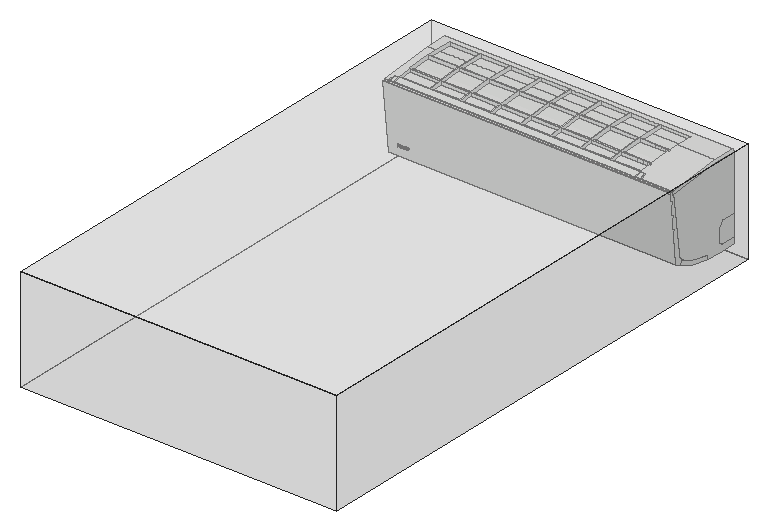
Revit family "outputfile", category 機械設備, Revit 2024 (continued)
Definition of nested family "DAIKIN_indoorunit_FTKF-CV1MW"
  Cuts and joins
    Extrusion 52, Extrusion 54 cuts Extrusion 2
    Extrusion 52, Extrusion 54 cuts Extrusion 6
    Extrusion 54 cuts Extrusion 53
    Extrusion 47 cuts Extrusion 46
  Lines and regions (mm)
    reference lines
      curve 1: line (-523, -203.827, -201.479) -> (-523, -197.847, -215.327)
      curve 2: line (-523, -218.956, -203.806) -> (-523, -217.93, -217.251)
      curve 3: line (-523, -253.284, -206.176) -> (-523, -252.024, -219.601)
  Dimensions and locks
    locked: Extrusion 9 sketch curve to Extrusion 9 sketch curve at 60
    locked: Extrusion 9 sketch curve to Extrusion 9 sketch curve at 50
    locked: Extrusion 11 sketch curve to Extrusion 11 sketch curve at 48.5
    equal spacing: plane 5, plane 3 "Center (Left/Right)", plane 4
    "Width": plane 5 to plane 4
    locked: Extrusion 8 sketch curve to plane 4 at 48
    "WALL HOLE-R": plane 5 to Extrusion 8 sketch curve
    "Height": plane 2 "reference_level" to plane 6
    locked: Extrusion 8 sketch curve to plane 6 at 45  (x2)
    Extrusion 13 to nested 2 = 36.0 mm
    locked: Extrusion 19 sketch curve to Extrusion 19 sketch curve at 60
    locked: Extrusion 20 sketch curve to Extrusion 20 sketch curve at 60
    Extrusion 21 sketch curve to Extrusion 21 sketch curve = 52.0 mm  (x2)
    Extrusion 11 sketch curve to Extrusion 11 sketch curve to plane 3 "Center (Left/Right)" = 60.0 mm locked, 286.0 mm locked
    plane 3 "Center (Left/Right)" to Extrusion 11 sketch curve to Extrusion 11 sketch curve = 259.0 mm locked, 60.0 mm locked
    Extrusion 21 sketch curve to Extrusion 21 sketch curve to plane 3 "Center (Left/Right)" to Extrusion 21 sketch curve to Extrusion 21 sketch curve = 60.0 mm, 309.0 mm, 309.0 mm, 60.0 mm
    Extrusion 42 sketch curve to plane 1 "Center (Front/Back)" = 61.8 mm
    Extrusion 42 sketch curve to Extrusion 42 sketch curve to plane 3 "Center (Left/Right)" to Extrusion 42 sketch curve to Extrusion 42 sketch curve = 73.5 mm locked, 395.5 mm locked, 395.5 mm locked, 73.5 mm locked
    aligned and locked: level to plane 2 "reference_level"
    aligned and locked: Extrusion 11 sketch curve to Extrusion 11 sketch curve  (x2)
    aligned and locked: Extrusion 8 to plane 1 "Center (Front/Back)"
    aligned and locked: nested 2 to curve 2
    aligned and locked: nested 3 to curve 3
    aligned and locked: Extrusion 42 sketch curve to Extrusion 42 sketch curve
  Automatic sketch dimensions
    Extrusion 4 sketch curve to plane 1 "Center (Front/Back)" = 0.0 mm
    plane 1 "Center (Front/Back)" to Extrusion 4 sketch curve = 2.596 mm
    plane 1 "Center (Front/Back)" to Extrusion 4 sketch curve = 22.05 mm
    Extrusion 4 sketch curve to level = 8.0 mm
    Extrusion 4 sketch curve to Extrusion 4 sketch curve = 87.469 mm
    Extrusion 4 sketch curve to Extrusion 4 sketch curve = 23.928 mm
    Extrusion 4 sketch curve to Extrusion 4 sketch curve = 26.307 mm
    Extrusion 4 sketch curve to Extrusion 4 sketch curve = 83.5 mm
    Extrusion 4 sketch curve to level = 28.539 mm
    Extrusion 4 sketch curve to Extrusion 4 sketch curve = 91.44 mm
    Extrusion 4 sketch curve to Extrusion 4 sketch curve = 12.229 mm
    Extrusion 4 sketch curve to Extrusion 4 sketch curve = 32.705 mm
    Extrusion 4 sketch curve to level = 43.491 mm
    Extrusion 4 sketch curve to Extrusion 4 sketch curve = 3.707 mm
    Extrusion 4 sketch curve to Extrusion 4 sketch curve = 52.472 mm
    Extrusion 4 sketch curve to Extrusion 4 sketch curve = 0.0 mm
    plane 1 "Center (Front/Back)" to Extrusion 5 sketch curve = 192.48 mm
    Extrusion 5 sketch curve to Extrusion 5 sketch curve = 11.872 mm
    Extrusion 5 sketch curve to Extrusion 5 sketch curve = 65.26 mm
    Extrusion 5 sketch curve to Extrusion 5 sketch curve = 0.31 mm  (x2)
    Extrusion 5 sketch curve to Extrusion 5 sketch curve = 66.449 mm
    plane 1 "Center (Front/Back)" to Extrusion 5 sketch curve = 22.36 mm
    Extrusion 5 sketch curve to level = 276.027 mm
    Extrusion 5 sketch curve to Extrusion 5 sketch curve = 10.915 mm
    Extrusion 5 sketch curve to Extrusion 5 sketch curve = 42.154 mm
    Extrusion 5 sketch curve to Extrusion 5 sketch curve = 1.37 mm
    Extrusion 5 sketch curve to Extrusion 5 sketch curve = 54.088 mm
    Extrusion 5 sketch curve to Extrusion 5 sketch curve = 0.0 mm  (x2)
    Extrusion 5 sketch curve to level = 43.491 mm
    plane 1 "Center (Front/Back)" to Extrusion 6 sketch curve = 192.48 mm
    Extrusion 6 sketch curve to Extrusion 6 sketch curve = 11.872 mm
    Extrusion 6 sketch curve to Extrusion 6 sketch curve = 65.26 mm
    Extrusion 6 sketch curve to Extrusion 6 sketch curve = 0.31 mm  (x2)
    Extrusion 6 sketch curve to Extrusion 6 sketch curve = 66.449 mm
    plane 1 "Center (Front/Back)" to Extrusion 6 sketch curve = 22.36 mm
    Extrusion 6 sketch curve to level = 276.027 mm
    Extrusion 6 sketch curve to Extrusion 6 sketch curve = 10.915 mm
    Extrusion 6 sketch curve to Extrusion 6 sketch curve = 42.154 mm
    Extrusion 6 sketch curve to Extrusion 6 sketch curve = 1.37 mm
    Extrusion 6 sketch curve to Extrusion 6 sketch curve = 54.088 mm
    Extrusion 6 sketch curve to Extrusion 6 sketch curve = 0.0 mm  (x2)
    Extrusion 6 sketch curve to level = 43.491 mm
    plane 1 "Center (Front/Back)" to Extrusion 7 sketch curve = 72.419 mm
    Extrusion 7 sketch curve to plane 3 "Center (Left/Right)" = 324.633 mm
    Extrusion 7 sketch curve to Extrusion 7 sketch curve = 0.0 mm  (x39)
    plane 1 "Center (Front/Back)" to Extrusion 7 sketch curve = 75.939 mm
    Extrusion 7 sketch curve to Extrusion 7 sketch curve = 20.633 mm  (x2)
    plane 1 "Center (Front/Back)" to Extrusion 7 sketch curve = 74.9 mm
    plane 1 "Center (Front/Back)" to Extrusion 7 sketch curve = 142.3 mm
    Extrusion 7 sketch curve to Extrusion 7 sketch curve = 24.633 mm
    Extrusion 7 sketch curve to Extrusion 7 sketch curve = 69.1 mm
    plane 1 "Center (Front/Back)" to Extrusion 7 sketch curve = 24.5 mm  (x4)
    Extrusion 7 sketch curve to Extrusion 7 sketch curve = 1.4 mm  (x23)
    Extrusion 7 sketch curve to Extrusion 7 sketch curve = 86.6 mm
    Extrusion 7 sketch curve to Extrusion 7 sketch curve = 70.6 mm
    Extrusion 7 sketch curve to Extrusion 7 sketch curve = 20.0 mm  (x4)
    plane 3 "Center (Left/Right)" to Extrusion 7 sketch curve = 36.5 mm  (x2)
    Extrusion 7 sketch curve to Extrusion 7 sketch curve = 87.0 mm
    Extrusion 7 sketch curve to Extrusion 7 sketch curve = 69.717 mm
    Extrusion 7 sketch curve to Extrusion 7 sketch curve = 1.026 mm
    Extrusion 7 sketch curve to Extrusion 7 sketch curve = 38.883 mm
    Extrusion 7 sketch curve to Extrusion 7 sketch curve = 39.104 mm
    Extrusion 7 sketch curve to Extrusion 7 sketch curve = 1.291 mm
    Extrusion 7 sketch curve to Extrusion 7 sketch curve = 1.048 mm  (x5)
    Extrusion 7 sketch curve to Extrusion 7 sketch curve = 41.2 mm
    Extrusion 7 sketch curve to Extrusion 7 sketch curve = 3.496 mm  (x2)
    Extrusion 7 sketch curve to Extrusion 7 sketch curve = 3.508 mm
    Extrusion 7 sketch curve to Extrusion 7 sketch curve = 63.904 mm
    Extrusion 7 sketch curve to Extrusion 7 sketch curve = 66.0 mm
    Extrusion 7 sketch curve to Extrusion 7 sketch curve = 3.386 mm
    Extrusion 9 sketch curve to plane 1 "Center (Front/Back)" = 0.0 mm
    Extrusion 9 sketch curve to Extrusion 9 sketch curve = 20.0 mm  (x2)
    Extrusion 9 sketch curve to level = 273.0 mm
    plane 1 "Center (Front/Back)" to Extrusion 11 sketch curve = 0.0 mm
    Extrusion 11 sketch curve to Extrusion 11 sketch curve = 18.5 mm  (x3)
    Extrusion 11 sketch curve to Extrusion 11 sketch curve = 23.0 mm
    Extrusion 12 sketch curve to level = 0.0 mm
    Extrusion 12 sketch curve to plane 1 "Center (Front/Back)" = 0.0 mm
    plane 1 "Center (Front/Back)" to Extrusion 12 sketch curve = 5.0 mm
    Extrusion 12 sketch curve to plane 1 "Center (Front/Back)" = 14.977 mm
    Extrusion 12 sketch curve to level = 9.02 mm
    Extrusion 12 sketch curve to level = 11.0 mm
    level to Extrusion 12 sketch curve = 9.314 mm
    plane 1 "Center (Front/Back)" to Extrusion 14 sketch curve = 23.5 mm  (x3)
    Extrusion 14 sketch curve to plane 3 "Center (Left/Right)" = 355.499 mm
    Extrusion 14 sketch curve to Extrusion 14 sketch curve = 0.0 mm  (x34)
    Extrusion 14 sketch curve to Extrusion 14 sketch curve = 101.5 mm
    Extrusion 14 sketch curve to Extrusion 14 sketch curve = 2.6 mm  (x8)
    Extrusion 14 sketch curve to Extrusion 14 sketch curve = 99.5 mm  (x2)
    Extrusion 14 sketch curve to plane 3 "Center (Left/Right)" = 54.549 mm
    Extrusion 14 sketch curve to Extrusion 14 sketch curve = 12.0 mm  (x7)
    plane 3 "Center (Left/Right)" to Extrusion 14 sketch curve = 52.301 mm  (x2)
    Extrusion 14 sketch curve to Extrusion 14 sketch curve = 73.2 mm  (x2)
    Extrusion 14 sketch curve to Extrusion 14 sketch curve = 2.4 mm  (x6)
    Extrusion 14 sketch curve to Extrusion 14 sketch curve = 71.0 mm  (x3)
    Extrusion 14 sketch curve to Extrusion 14 sketch curve = 1.6 mm  (x6)
    Extrusion 14 sketch curve to Extrusion 14 sketch curve = 30.0 mm  (x3)
    plane 1 "Center (Front/Back)" to Extrusion 15 sketch curve = 194.856 mm
    Extrusion 15 sketch curve to Extrusion 15 sketch curve = 9.074 mm
    Extrusion 15 sketch curve to Extrusion 15 sketch curve = 86.508 mm
    level to Extrusion 15 sketch curve = 11.72 mm
    plane 1 "Center (Front/Back)" to Extrusion 15 sketch curve = 52.895 mm
    Extrusion 15 sketch curve to Extrusion 15 sketch curve = 0.004 mm
    Extrusion 15 sketch curve to Extrusion 15 sketch curve = 0.033 mm
    Extrusion 15 sketch curve to level = 244.604 mm
    Extrusion 15 sketch curve to Extrusion 15 sketch curve = 7.382 mm
    plane 1 "Center (Front/Back)" to Extrusion 16 sketch curve = 194.856 mm
    Extrusion 16 sketch curve to Extrusion 16 sketch curve = 9.074 mm
    Extrusion 16 sketch curve to Extrusion 16 sketch curve = 86.508 mm
    level to Extrusion 16 sketch curve = 11.72 mm
    plane 1 "Center (Front/Back)" to Extrusion 16 sketch curve = 52.895 mm
    Extrusion 16 sketch curve to Extrusion 16 sketch curve = 0.004 mm
    Extrusion 16 sketch curve to level = 244.604 mm
    Extrusion 16 sketch curve to Extrusion 16 sketch curve = 7.382 mm
    Extrusion 16 sketch curve to Extrusion 16 sketch curve = 10.901 mm
    plane 1 "Center (Front/Back)" to Extrusion 17 sketch curve = 194.856 mm
    Extrusion 17 sketch curve to Extrusion 17 sketch curve = 9.074 mm
    Extrusion 17 sketch curve to Extrusion 17 sketch curve = 86.508 mm
    level to Extrusion 17 sketch curve = 11.72 mm
    plane 1 "Center (Front/Back)" to Extrusion 17 sketch curve = 52.895 mm
    Extrusion 17 sketch curve to Extrusion 17 sketch curve = 0.004 mm
    Extrusion 17 sketch curve to level = 244.604 mm
    Extrusion 17 sketch curve to Extrusion 17 sketch curve = 7.382 mm
    Extrusion 17 sketch curve to Extrusion 17 sketch curve = 10.901 mm
    Extrusion 19 sketch curve to plane 1 "Center (Front/Back)" = 0.0 mm
    Extrusion 19 sketch curve to Extrusion 19 sketch curve = 32.8 mm
    plane 1 "Center (Front/Back)" to Extrusion 19 sketch curve = 32.8 mm
    Extrusion 19 sketch curve to Extrusion 19 sketch curve = 19.2 mm
    Extrusion 19 sketch curve to level = 269.6 mm
    Extrusion 20 sketch curve to plane 1 "Center (Front/Back)" = 0.0 mm
    Extrusion 20 sketch curve to Extrusion 20 sketch curve = 32.8 mm  (x2)
    Extrusion 20 sketch curve to Extrusion 20 sketch curve = 19.2 mm
    Extrusion 20 sketch curve to level = 269.6 mm
    plane 1 "Center (Front/Back)" to Extrusion 21 sketch curve = 0.0 mm  (x2)
    Extrusion 21 sketch curve to Extrusion 21 sketch curve = 20.0 mm  (x4)
    Extrusion 22 sketch curve to plane 3 "Center (Left/Right)" = 339.0 mm
    plane 3 "Center (Left/Right)" to Extrusion 22 sketch curve = 231.0 mm
    plane 1 "Center (Front/Back)" to Extrusion 22 sketch curve = 202.769 mm
    Extrusion 22 sketch curve to Extrusion 22 sketch curve = 17.012 mm
    Extrusion 23 sketch curve to plane 3 "Center (Left/Right)" = 339.0 mm
    Extrusion 23 sketch curve to Extrusion 23 sketch curve = 15.0 mm  (x2)
    plane 3 "Center (Left/Right)" to Extrusion 23 sketch curve = 216.0 mm
    plane 1 "Center (Front/Back)" to Extrusion 23 sketch curve = 202.757 mm  (x2)
    Extrusion 23 sketch curve to Extrusion 23 sketch curve = 17.0 mm  (x2)
    Extrusion 24 sketch curve to plane 3 "Center (Left/Right)" = 324.0 mm
    Extrusion 24 sketch curve to Extrusion 24 sketch curve = 43.629 mm
    Extrusion 24 sketch curve to Extrusion 24 sketch curve = 1.5 mm  (x9)
    Extrusion 24 sketch curve to Extrusion 24 sketch curve = 21.542 mm  (x3)
    Extrusion 24 sketch curve to plane 3 "Center (Left/Right)" = 123.621 mm
    Extrusion 24 sketch curve to plane 3 "Center (Left/Right)" = 9.121 mm
    plane 3 "Center (Left/Right)" to Extrusion 24 sketch curve = 13.921 mm
    Extrusion 24 sketch curve to Extrusion 24 sketch curve = 132.208 mm
    Extrusion 24 sketch curve to Extrusion 24 sketch curve = 43.829 mm
    plane 1 "Center (Front/Back)" to Extrusion 24 sketch curve = 202.757 mm
    plane 1 "Center (Front/Back)" to Extrusion 24 sketch curve = 195.757 mm
    Extrusion 24 sketch curve to Extrusion 24 sketch curve = 7.0 mm  (x2)
    Extrusion 24 sketch curve to Extrusion 24 sketch curve = 3.5 mm  (x4)
    Extrusion 24 sketch curve to Extrusion 24 sketch curve = 12.0 mm
    Extrusion 26 sketch curve to plane 3 "Center (Left/Right)" = 373.412 mm
    Extrusion 26 sketch curve to Extrusion 26 sketch curve = 1.011 mm
    Extrusion 26 sketch curve to Extrusion 26 sketch curve = 15.228 mm
    Extrusion 26 sketch curve to Extrusion 26 sketch curve = 0.132 mm
    plane 3 "Center (Left/Right)" to Extrusion 26 sketch curve = 259.015 mm
    Extrusion 26 sketch curve to Extrusion 26 sketch curve = 0.133 mm
    Extrusion 26 sketch curve to Extrusion 26 sketch curve = 15.197 mm
    Extrusion 26 sketch curve to Extrusion 26 sketch curve = 16.358 mm
    plane 1 "Center (Front/Back)" to Extrusion 26 sketch curve = 238.673 mm
    Extrusion 26 sketch curve to Extrusion 26 sketch curve = 34.983 mm
    Extrusion 26 sketch curve to Extrusion 26 sketch curve = 3.79 mm  (x2)
    plane 3 "Center (Left/Right)" to Extrusion 26 sketch curve = 247.689 mm
    plane 1 "Center (Front/Back)" to Extrusion 26 sketch curve = 58.091 mm
    Extrusion 27 sketch curve to plane 3 "Center (Left/Right)" = 373.099 mm
    Extrusion 27 sketch curve to Extrusion 27 sketch curve = 0.698 mm
    Extrusion 27 sketch curve to Extrusion 27 sketch curve = 15.228 mm
    Extrusion 27 sketch curve to Extrusion 27 sketch curve = 0.132 mm
    Extrusion 27 sketch curve to Extrusion 27 sketch curve = 1.99 mm
    plane 3 "Center (Left/Right)" to Extrusion 27 sketch curve = 257.001 mm
    Extrusion 27 sketch curve to Extrusion 27 sketch curve = 2.014 mm
    Extrusion 27 sketch curve to Extrusion 27 sketch curve = 0.133 mm
    Extrusion 27 sketch curve to Extrusion 27 sketch curve = 15.196 mm
    Extrusion 27 sketch curve to Extrusion 27 sketch curve = 18.053 mm
    plane 1 "Center (Front/Back)" to Extrusion 27 sketch curve = 226.673 mm  (x2)
    Extrusion 27 sketch curve to Extrusion 27 sketch curve = 22.983 mm  (x2)
    Extrusion 27 sketch curve to Extrusion 27 sketch curve = 3.79 mm  (x2)
    Extrusion 28 sketch curve to plane 3 "Center (Left/Right)" = 355.05 mm
    plane 3 "Center (Left/Right)" to Extrusion 28 sketch curve = 257.001 mm
    plane 1 "Center (Front/Back)" to Extrusion 28 sketch curve = 226.673 mm
    Extrusion 28 sketch curve to Extrusion 28 sketch curve = 22.983 mm
    Extrusion 29 sketch curve to level = 0.0 mm
    Extrusion 29 sketch curve to level = 30.0 mm
    plane 1 "Center (Front/Back)" to Extrusion 29 sketch curve = 238.673 mm
    Extrusion 29 sketch curve to Extrusion 29 sketch curve = 38.773 mm
    Extrusion 29 sketch curve to Extrusion 29 sketch curve = 0.0 mm  (x2)
    plane 1 "Center (Front/Back)" to Extrusion 29 sketch curve = 45.84 mm
    Extrusion 29 sketch curve to plane 1 "Center (Front/Back)" = 14.977 mm
    Extrusion 29 sketch curve to Extrusion 29 sketch curve = 994.66 mm
    Extrusion 29 sketch curve to Extrusion 29 sketch curve = 0.163 mm
    Extrusion 29 sketch curve to Extrusion 29 sketch curve = 7.224 mm
    Extrusion 29 sketch curve to level = 11.646 mm
    level to Extrusion 29 sketch curve = 9.314 mm
    Extrusion 29 sketch curve to Extrusion 29 sketch curve = 13.398 mm
    Extrusion 30 sketch curve to Extrusion 30 sketch curve = 0.0 mm  (x2)
    plane 1 "Center (Front/Back)" to Extrusion 30 sketch curve = 189.887 mm
    Extrusion 30 sketch curve to Extrusion 30 sketch curve = 11.307 mm
    Extrusion 30 sketch curve to Extrusion 30 sketch curve = 46.464 mm
    Extrusion 30 sketch curve to Extrusion 30 sketch curve = 21.724 mm
    Extrusion 30 sketch curve to level = 277.1 mm
    Extrusion 30 sketch curve to Extrusion 30 sketch curve = 22.499 mm
    Extrusion 31 sketch curve to Extrusion 31 sketch curve = 0.0 mm  (x2)
    plane 1 "Center (Front/Back)" to Extrusion 31 sketch curve = 189.887 mm
    Extrusion 31 sketch curve to Extrusion 31 sketch curve = 11.307 mm
    Extrusion 31 sketch curve to Extrusion 31 sketch curve = 46.464 mm
    Extrusion 31 sketch curve to Extrusion 31 sketch curve = 21.724 mm
    Extrusion 31 sketch curve to level = 277.1 mm
    Extrusion 31 sketch curve to Extrusion 31 sketch curve = 22.499 mm
    Extrusion 32 sketch curve to Extrusion 32 sketch curve = 0.0 mm  (x2)
    plane 1 "Center (Front/Back)" to Extrusion 32 sketch curve = 185.929 mm
    Extrusion 32 sketch curve to Extrusion 32 sketch curve = 6.899 mm
    Extrusion 32 sketch curve to Extrusion 32 sketch curve = 9.219 mm
    Extrusion 32 sketch curve to Extrusion 32 sketch curve = 7.915 mm
    Extrusion 32 sketch curve to level = 264.005 mm
    Extrusion 32 sketch curve to Extrusion 32 sketch curve = 7.405 mm
    Extrusion 33 sketch curve to Extrusion 33 sketch curve = 0.0 mm  (x2)
    plane 1 "Center (Front/Back)" to Extrusion 33 sketch curve = 185.929 mm
    Extrusion 33 sketch curve to Extrusion 33 sketch curve = 6.899 mm
    Extrusion 33 sketch curve to Extrusion 33 sketch curve = 9.219 mm
    Extrusion 33 sketch curve to Extrusion 33 sketch curve = 7.915 mm
    Extrusion 33 sketch curve to level = 264.005 mm
    Extrusion 33 sketch curve to Extrusion 33 sketch curve = 7.405 mm
    plane 1 "Center (Front/Back)" to Extrusion 36 sketch curve = 233.849 mm
    Extrusion 36 sketch curve to Extrusion 36 sketch curve = 11.574 mm
    Extrusion 36 sketch curve to Extrusion 36 sketch curve = 106.825 mm
    Extrusion 36 sketch curve to Extrusion 36 sketch curve = 0.0 mm
    level to Extrusion 36 sketch curve = 3.941 mm
    plane 1 "Center (Front/Back)" to Extrusion 36 sketch curve = 90.201 mm
    Extrusion 36 sketch curve to Extrusion 36 sketch curve = 0.002 mm
    Extrusion 36 sketch curve to Extrusion 36 sketch curve = 0.776 mm
    Extrusion 36 sketch curve to level = 250.06 mm
    Extrusion 36 sketch curve to Extrusion 36 sketch curve = 9.301 mm
    Extrusion 36 sketch curve to Extrusion 36 sketch curve = 31.169 mm
    Extrusion 36 sketch curve to Extrusion 36 sketch curve = 13.702 mm
    Extrusion 36 sketch curve to Extrusion 36 sketch curve = 27.641 mm
    plane 1 "Center (Front/Back)" to Extrusion 37 sketch curve = 233.849 mm
    Extrusion 37 sketch curve to Extrusion 37 sketch curve = 11.574 mm
    Extrusion 37 sketch curve to Extrusion 37 sketch curve = 106.825 mm
    Extrusion 37 sketch curve to Extrusion 37 sketch curve = 0.0 mm
    level to Extrusion 37 sketch curve = 3.941 mm
    plane 1 "Center (Front/Back)" to Extrusion 37 sketch curve = 90.201 mm
    Extrusion 37 sketch curve to Extrusion 37 sketch curve = 0.002 mm
    Extrusion 37 sketch curve to Extrusion 37 sketch curve = 0.776 mm
    Extrusion 37 sketch curve to level = 250.06 mm
    Extrusion 37 sketch curve to Extrusion 37 sketch curve = 9.301 mm
    Extrusion 37 sketch curve to Extrusion 37 sketch curve = 31.169 mm
    Extrusion 37 sketch curve to Extrusion 37 sketch curve = 13.702 mm
    Extrusion 37 sketch curve to Extrusion 37 sketch curve = 27.641 mm
    plane 1 "Center (Front/Back)" to Extrusion 38 sketch curve = 233.849 mm
    Extrusion 38 sketch curve to Extrusion 38 sketch curve = 11.574 mm
    Extrusion 38 sketch curve to Extrusion 38 sketch curve = 106.825 mm
    Extrusion 38 sketch curve to Extrusion 38 sketch curve = 0.0 mm
    level to Extrusion 38 sketch curve = 3.941 mm
    plane 1 "Center (Front/Back)" to Extrusion 38 sketch curve = 90.201 mm
    Extrusion 38 sketch curve to Extrusion 38 sketch curve = 0.002 mm
    Extrusion 38 sketch curve to Extrusion 38 sketch curve = 0.776 mm
    Extrusion 38 sketch curve to level = 250.06 mm
    Extrusion 38 sketch curve to Extrusion 38 sketch curve = 9.301 mm
    Extrusion 38 sketch curve to Extrusion 38 sketch curve = 31.169 mm
    Extrusion 38 sketch curve to Extrusion 38 sketch curve = 13.702 mm
    Extrusion 38 sketch curve to Extrusion 38 sketch curve = 27.641 mm
    Extrusion 40 sketch curve to plane 1 "Center (Front/Back)" = 0.0 mm
    plane 1 "Center (Front/Back)" to Extrusion 40 sketch curve = 41.8 mm
    Extrusion 40 sketch curve to Extrusion 40 sketch curve = 0.0 mm  (x2)
    Extrusion 40 sketch curve to Extrusion 40 sketch curve = 20.0 mm
    Extrusion 40 sketch curve to level = 275.5 mm
    Extrusion 40 sketch curve to Extrusion 40 sketch curve = 33.5 mm
    Extrusion 41 sketch curve to plane 1 "Center (Front/Back)" = 0.0 mm
    plane 1 "Center (Front/Back)" to Extrusion 41 sketch curve = 41.8 mm
    Extrusion 41 sketch curve to Extrusion 41 sketch curve = 0.0 mm
    Extrusion 41 sketch curve to Extrusion 41 sketch curve = 20.0 mm
    Extrusion 41 sketch curve to level = 202.0 mm
    Extrusion 41 sketch curve to Extrusion 41 sketch curve = 33.5 mm
    plane 1 "Center (Front/Back)" to Extrusion 42 sketch curve = 0.0 mm  (x2)
    Extrusion 42 sketch curve to Extrusion 42 sketch curve = 20.0 mm  (x4)
    plane 3 "Center (Left/Right)" to Extrusion 44 sketch curve = 380.0 mm
    Extrusion 46 sketch curve to plane 3 "Center (Left/Right)" = 466.5 mm
    plane 3 "Center (Left/Right)" to Extrusion 46 sketch curve = 366.0 mm
    plane 1 "Center (Front/Back)" to Extrusion 46 sketch curve = 264.436 mm
    Extrusion 46 sketch curve to Extrusion 46 sketch curve = 25.436 mm
    Extrusion 47 sketch curve to level = 33.272 mm
    Extrusion 47 sketch curve to level = 22.853 mm
    level to Extrusion 47 sketch curve = 5.0 mm
    Extrusion 48 sketch curve to Extrusion 48 sketch curve = 20.148 mm
    Extrusion 48 sketch curve to Extrusion 48 sketch curve = 44.745 mm
    Extrusion 48 sketch curve to Extrusion 48 sketch curve = 22.502 mm
    level to Extrusion 48 sketch curve = 6.546 mm
    plane 1 "Center (Front/Back)" to Extrusion 48 sketch curve = 89.423 mm
    Extrusion 48 sketch curve to Extrusion 48 sketch curve = 0.0 mm  (x2)
    Extrusion 48 sketch curve to Extrusion 48 sketch curve = 11.127 mm
    Extrusion 49 sketch curve to Extrusion 49 sketch curve = 0.0 mm  (x2)
    level to Extrusion 49 sketch curve = 6.546 mm
    plane 1 "Center (Front/Back)" to Extrusion 49 sketch curve = 89.423 mm
    Extrusion 49 sketch curve to level = 261.498 mm
    Extrusion 49 sketch curve to Extrusion 49 sketch curve = 11.127 mm
    Extrusion 49 sketch curve to Extrusion 49 sketch curve = 64.893 mm
    Extrusion 49 sketch curve to Extrusion 49 sketch curve = 20.148 mm
    Extrusion 50 sketch curve to Extrusion 50 sketch curve = 8.97 mm
    Extrusion 50 sketch curve to Extrusion 50 sketch curve = 7.404 mm
    level to Extrusion 50 sketch curve = 6.546 mm
    Extrusion 50 sketch curve to Extrusion 50 sketch curve = 6.785 mm
    Extrusion 50 sketch curve to Extrusion 50 sketch curve = 7.726 mm
    Extrusion 50 sketch curve to Extrusion 50 sketch curve = 0.0 mm  (x2)
    plane 1 "Center (Front/Back)" to Extrusion 50 sketch curve = 89.423 mm
    Extrusion 51 sketch curve to Extrusion 51 sketch curve = 0.0 mm  (x2)
    level to Extrusion 51 sketch curve = 6.546 mm
    plane 1 "Center (Front/Back)" to Extrusion 51 sketch curve = 89.423 mm
    Extrusion 51 sketch curve to level = 263.5 mm
    Extrusion 51 sketch curve to Extrusion 51 sketch curve = 6.785 mm
    Extrusion 51 sketch curve to Extrusion 51 sketch curve = 16.697 mm
    Extrusion 51 sketch curve to Extrusion 51 sketch curve = 7.726 mm
    Extrusion 10 sketch curve to plane 1 "Center (Front/Back)" = 0.0 mm
    plane 1 "Center (Front/Back)" to Extrusion 10 sketch curve = 30.0 mm
    Extrusion 10 sketch curve to Extrusion 10 sketch curve = 0.0 mm
    Extrusion 10 sketch curve to Extrusion 10 sketch curve = 20.0 mm  (x2)
    Extrusion 10 sketch curve to level = 273.0 mm
    Extrusion 3 sketch curve to level = 13.692 mm
    plane 1 "Center (Front/Back)" to Extrusion 3 sketch curve = 211.618 mm
    Extrusion 3 sketch curve to Extrusion 3 sketch curve = 0.618 mm
    Extrusion 3 sketch curve to Extrusion 3 sketch curve = 1.902 mm
    Extrusion 3 sketch curve to Extrusion 3 sketch curve = 2.0 mm
    Extrusion 3 sketch curve to level = 10.816 mm
    Extrusion 3 sketch curve to Extrusion 3 sketch curve = 8.849 mm
    Extrusion 3 sketch curve to Extrusion 3 sketch curve = 2.652 mm
    Extrusion 3 sketch curve to Extrusion 3 sketch curve = 151.871 mm
    Extrusion 3 sketch curve to Extrusion 3 sketch curve = 95.0 mm
    Extrusion 3 sketch curve to Extrusion 3 sketch curve = 10.31 mm
    Extrusion 3 sketch curve to Extrusion 3 sketch curve = 6.572 mm
    Extrusion 3 sketch curve to Extrusion 3 sketch curve = 0.097 mm
    Extrusion 3 sketch curve to Extrusion 3 sketch curve = 0.31 mm
    Extrusion 3 sketch curve to Extrusion 3 sketch curve = 11.812 mm
    plane 1 "Center (Front/Back)" to Extrusion 2 sketch curve = 115.348 mm
    plane 1 "Center (Front/Back)" to Extrusion 2 sketch curve = 22.36 mm
    Extrusion 2 sketch curve to level = 167.5 mm
    Extrusion 2 sketch curve to level = 43.491 mm
    Extrusion 2 sketch curve to Extrusion 2 sketch curve = 1.189 mm
    Extrusion 2 sketch curve to Extrusion 2 sketch curve = 58.182 mm
    Extrusion 2 sketch curve to Extrusion 2 sketch curve = 0.0 mm  (x4)
    Extrusion 2 sketch curve to Extrusion 2 sketch curve = 20.14 mm
    Extrusion 2 sketch curve to Extrusion 2 sketch curve = 0.31 mm  (x2)
    Extrusion 2 sketch curve to Extrusion 2 sketch curve = 11.872 mm
    Extrusion 2 sketch curve to Extrusion 2 sketch curve = 6.31 mm
    Extrusion 52 sketch curve to Extrusion 52 sketch curve = 0.0 mm  (x5)
    Extrusion 52 sketch curve to Extrusion 52 sketch curve = 52.75 mm
    plane 1 "Center (Front/Back)" to Extrusion 52 sketch curve = 22.36 mm
    Extrusion 52 sketch curve to Extrusion 52 sketch curve = 35.994 mm
    Extrusion 52 sketch curve to Extrusion 52 sketch curve = 64.506 mm
    Extrusion 52 sketch curve to level = 43.491 mm
    Extrusion 52 sketch curve to Extrusion 52 sketch curve = 6.981 mm
    Extrusion 52 sketch curve to Extrusion 52 sketch curve = 5.769 mm
    Extrusion 52 sketch curve to Extrusion 52 sketch curve = 3.0 mm
    Extrusion 52 sketch curve to Extrusion 52 sketch curve = 11.895 mm
    plane 1 "Center (Front/Back)" to Extrusion 53 sketch curve = 22.36 mm
    Extrusion 53 sketch curve to level = 43.491 mm
    Extrusion 53 sketch curve to Extrusion 53 sketch curve = 5.097 mm
    Extrusion 53 sketch curve to Extrusion 53 sketch curve = 48.896 mm
    Extrusion 53 sketch curve to Extrusion 53 sketch curve = 0.0 mm  (x6)
    Extrusion 53 sketch curve to Extrusion 53 sketch curve = 8.769 mm
    Extrusion 53 sketch curve to Extrusion 53 sketch curve = 11.895 mm
    Extrusion 53 sketch curve to Extrusion 53 sketch curve = 6.981 mm
    Extrusion 53 sketch curve to Extrusion 53 sketch curve = 3.0 mm
    Extrusion 54 sketch curve to Extrusion 54 sketch curve = 0.0 mm  (x6)
    Extrusion 54 sketch curve to Extrusion 54 sketch curve = 9.206 mm
    Extrusion 54 sketch curve to Extrusion 54 sketch curve = 61.422 mm
    plane 1 "Center (Front/Back)" to Extrusion 54 sketch curve = 22.36 mm
    Extrusion 54 sketch curve to Extrusion 54 sketch curve = 11.007 mm
    Extrusion 54 sketch curve to level = 43.491 mm
    Extrusion 54 sketch curve to Extrusion 54 sketch curve = 4.409 mm
    Extrusion 54 sketch curve to Extrusion 54 sketch curve = 1.8 mm
    Extrusion 54 sketch curve to Extrusion 54 sketch curve = 5.228 mm
    Extrusion 55 sketch curve to Extrusion 55 sketch curve = 61.422 mm
    Extrusion 55 sketch curve to level = 235.993 mm
    Extrusion 55 sketch curve to Extrusion 55 sketch curve = 4.409 mm
    Extrusion 55 sketch curve to Extrusion 55 sketch curve = 6.229 mm
    plane 1 "Center (Front/Back)" to Extrusion 55 sketch curve = 22.36 mm
    Extrusion 55 sketch curve to Extrusion 55 sketch curve = 0.0 mm  (x6)
    Extrusion 55 sketch curve to Extrusion 55 sketch curve = 8.205 mm
    Extrusion 55 sketch curve to Extrusion 55 sketch curve = 5.228 mm
    Extrusion 55 sketch curve to Extrusion 55 sketch curve = 1.8 mm
    Extrusion 25 sketch curve to Extrusion 25 sketch curve = 0.0 mm  (x4)
    Extrusion 25 sketch curve to level = 0.0 mm
    Extrusion 25 sketch curve to level = 35.0 mm
    plane 1 "Center (Front/Back)" to Extrusion 25 sketch curve = 205.202 mm
    Extrusion 25 sketch curve to Extrusion 25 sketch curve = 19.445 mm
    plane 1 "Center (Front/Back)" to Extrusion 25 sketch curve = 104.232 mm
    Extrusion 25 sketch curve to Extrusion 25 sketch curve = 209.941 mm
    Extrusion 25 sketch curve to Extrusion 25 sketch curve = 4.474 mm
    Extrusion 25 sketch curve to Extrusion 25 sketch curve = 8.811 mm
    Extrusion 12 sketch curve to Extrusion 12 sketch curve = 1.396 mm
    plane 1 "Center (Front/Back)" to Extrusion 12 sketch curve = 45.84 mm
    Extrusion 12 sketch curve to Extrusion 12 sketch curve = 0.0 mm
    Extrusion 12 sketch curve to Extrusion 12 sketch curve = 0.163 mm
    Extrusion 12 sketch curve to level = 26.758 mm
    Extrusion 18 sketch curve to plane 1 "Center (Front/Back)" = 0.0 mm
    level to Extrusion 18 sketch curve = 4.099 mm
    Extrusion 18 sketch curve to Extrusion 18 sketch curve = 0.857 mm
    Extrusion 18 sketch curve to Extrusion 18 sketch curve = 6.16 mm
    Extrusion 18 sketch curve to Extrusion 18 sketch curve = 46.473 mm
    Extrusion 18 sketch curve to Extrusion 18 sketch curve = 0.052 mm
    Extrusion 18 sketch curve to Extrusion 18 sketch curve = 69.066 mm
    Extrusion 18 sketch curve to Extrusion 18 sketch curve = 29.316 mm
    Extrusion 18 sketch curve to level = 26.762 mm
    Extrusion 18 sketch curve to Extrusion 18 sketch curve = 178.061 mm
    Extrusion 18 sketch curve to Extrusion 18 sketch curve = 4.015 mm
    Extrusion 18 sketch curve to Extrusion 18 sketch curve = 52.325 mm
    Extrusion 18 sketch curve to Extrusion 18 sketch curve = 11.703 mm
    Extrusion 18 sketch curve to Extrusion 18 sketch curve = 3.729 mm
    Extrusion 18 sketch curve to Extrusion 18 sketch curve = 7.779 mm
    Extrusion 18 sketch curve to level = 11.0 mm
    plane 1 "Center (Front/Back)" to Extrusion 18 sketch curve = 45.84 mm
    Extrusion 13 sketch curve to level = 15.416 mm
    plane 1 "Center (Front/Back)" to Extrusion 13 sketch curve = 197.648 mm
    Extrusion 13 sketch curve to Extrusion 13 sketch curve = 21.851 mm
    Extrusion 13 sketch curve to Extrusion 13 sketch curve = 8.255 mm
    plane 1 "Center (Front/Back)" to Extrusion 13 sketch curve = 46.245 mm
    Extrusion 13 sketch curve to Extrusion 13 sketch curve = 6.169 mm
    Extrusion 13 sketch curve to Extrusion 13 sketch curve = 10.292 mm
    Extrusion 13 sketch curve to Extrusion 13 sketch curve = 0.363 mm
    Extrusion 13 sketch curve to Extrusion 13 sketch curve = 1.994 mm
    Extrusion 13 sketch curve to Extrusion 13 sketch curve = 5.69 mm
    Extrusion 13 sketch curve to Extrusion 13 sketch curve = 20.433 mm
    Extrusion 13 sketch curve to Extrusion 13 sketch curve = 0.0 mm  (x3)
    Extrusion 13 sketch curve to Extrusion 13 sketch curve = 1.84 mm
    Extrusion 13 sketch curve to Extrusion 13 sketch curve = 9.251 mm
    Extrusion 13 sketch curve to Extrusion 13 sketch curve = 6.958 mm
    Extrusion 13 sketch curve to Extrusion 13 sketch curve = 0.157 mm
    Extrusion 13 sketch curve to level = 12.416 mm
    Extrusion 13 sketch curve to Extrusion 13 sketch curve = 201.658 mm
    Extrusion 34 sketch curve to plane 1 "Center (Front/Back)" = 0.0 mm
    Extrusion 34 sketch curve to level = 9.411 mm
    level to Extrusion 34 sketch curve = 0.0 mm
    plane 1 "Center (Front/Back)" to Extrusion 34 sketch curve = 5.217 mm
    Extrusion 34 sketch curve to Extrusion 34 sketch curve = 1.455 mm
    Extrusion 34 sketch curve to level = 10.748 mm
    Extrusion 34 sketch curve to Extrusion 34 sketch curve = 76.023 mm
    Extrusion 34 sketch curve to Extrusion 34 sketch curve = 0.06 mm
    Extrusion 34 sketch curve to level = 288.701 mm
    Extrusion 34 sketch curve to level = 18.596 mm
    Extrusion 34 sketch curve to Extrusion 34 sketch curve = 1.224 mm
    Extrusion 34 sketch curve to Extrusion 34 sketch curve = 3.693 mm
    Extrusion 34 sketch curve to level = 29.099 mm
    Extrusion 34 sketch curve to Extrusion 34 sketch curve = 1.436 mm
    Extrusion 35 sketch curve to plane 1 "Center (Front/Back)" = 0.0 mm
    plane 1 "Center (Front/Back)" to Extrusion 35 sketch curve = 61.8 mm
    Extrusion 35 sketch curve to level = 11.0 mm
    plane 1 "Center (Front/Back)" to Extrusion 35 sketch curve = 61.32 mm
    Extrusion 35 sketch curve to Extrusion 35 sketch curve = 52.85 mm
    Extrusion 35 sketch curve to Extrusion 35 sketch curve = 286.0 mm
    Extrusion 35 sketch curve to Extrusion 35 sketch curve = 2.004 mm
    Extrusion 35 sketch curve to Extrusion 35 sketch curve = 14.501 mm
    plane 1 "Center (Front/Back)" to Extrusion 35 sketch curve = 82.524 mm
    Extrusion 35 sketch curve to level = 29.099 mm
    Extrusion 35 sketch curve to level = 222.656 mm
    Extrusion 35 sketch curve to Extrusion 35 sketch curve = 43.948 mm
    Extrusion 35 sketch curve to Extrusion 35 sketch curve = 6.011 mm
    Extrusion 35 sketch curve to Extrusion 35 sketch curve = 14.16 mm
    level to Extrusion 35 sketch curve = 3.956 mm
    Extrusion 35 sketch curve to Extrusion 35 sketch curve = 28.88 mm
    Extrusion 35 sketch curve to Extrusion 35 sketch curve = 602.782 mm
    plane 1 "Center (Front/Back)" to Extrusion 39 sketch curve = 234.424 mm
    level to Extrusion 39 sketch curve = 23.59 mm
    plane 1 "Center (Front/Back)" to Extrusion 39 sketch curve = 83.906 mm
    Extrusion 39 sketch curve to level = 258.8 mm
    Extrusion 39 sketch curve to Extrusion 39 sketch curve = 14.508 mm
    Extrusion 39 sketch curve to Extrusion 39 sketch curve = 11.757 mm
    Extrusion 39 sketch curve to Extrusion 39 sketch curve = 9.554 mm
    Extrusion 39 sketch curve to Extrusion 39 sketch curve = 13.936 mm
    Extrusion 39 sketch curve to Extrusion 39 sketch curve = 26.899 mm
    Extrusion 39 sketch curve to Extrusion 39 sketch curve = 6.12 mm
    Extrusion 39 sketch curve to level = 18.854 mm
    Extrusion 39 sketch curve to level = 21.943 mm
    Extrusion 39 sketch curve to Extrusion 39 sketch curve = 7.064 mm
    plane 1 "Center (Front/Back)" to Extrusion 39 sketch curve = 81.184 mm
    Extrusion 39 sketch curve to Extrusion 39 sketch curve = 3.033 mm
    Extrusion 39 sketch curve to Extrusion 39 sketch curve = 0.318 mm
    Extrusion 39 sketch curve to Extrusion 39 sketch curve = 0.0 mm
    Extrusion 39 sketch curve to Extrusion 39 sketch curve = 1.499 mm
    curve 3 to level = 219.601 mm
    plane 1 "Center (Front/Back)" to curve 1 = 197.847 mm
    curve 3 to curve 2 = 2.35 mm
    curve 2 to curve 1 = 1.924 mm
    curve 3 to curve 3 = 13.425 mm
    curve 2 to curve 2 = 13.445 mm
    curve 1 to curve 1 = 13.848 mm
    curve 1 to curve 1 = 5.98 mm
    curve 1 to curve 2 = 20.083 mm
    curve 2 to curve 2 = 1.025 mm
    curve 2 to curve 3 = 34.094 mm
    curve 3 to curve 3 = 1.26 mm
    plane 1 "Center (Front/Back)" to Extrusion 43 sketch curve = 23.5 mm  (x4)
    Extrusion 43 sketch curve to plane 3 "Center (Left/Right)" = 465.5 mm
    Extrusion 43 sketch curve to Extrusion 43 sketch curve = 0.0 mm  (x44)
    Extrusion 43 sketch curve to Extrusion 43 sketch curve = 104.0 mm
    Extrusion 43 sketch curve to Extrusion 43 sketch curve = 2.5 mm  (x21)
    Extrusion 43 sketch curve to Extrusion 43 sketch curve = 101.0 mm  (x4)
    Extrusion 43 sketch curve to plane 3 "Center (Left/Right)" = 51.0 mm
    plane 3 "Center (Left/Right)" to Extrusion 43 sketch curve = 52.5 mm
    Extrusion 43 sketch curve to Extrusion 43 sketch curve = 57.7 mm
    Extrusion 43 sketch curve to Extrusion 43 sketch curve = 16.8 mm  (x3)
    Extrusion 43 sketch curve to Extrusion 43 sketch curve = 17.25 mm  (x3)
    Extrusion 43 sketch curve to Extrusion 43 sketch curve = 12.25 mm  (x2)
    Extrusion 43 sketch curve to Extrusion 43 sketch curve = 89.0 mm  (x3)
    Extrusion 43 sketch curve to Extrusion 43 sketch curve = 3.0 mm  (x11)
    Extrusion 43 sketch curve to Extrusion 43 sketch curve = 77.2 mm  (x4)
    Extrusion 43 sketch curve to Extrusion 43 sketch curve = 41.1 mm  (x4)
    Extrusion 45 sketch curve to plane 3 "Center (Left/Right)" = 482.5 mm
    Extrusion 45 sketch curve to Extrusion 45 sketch curve = 2.0 mm
    plane 1 "Center (Front/Back)" to Extrusion 45 sketch curve = 254.0 mm
    Extrusion 45 sketch curve to Extrusion 45 sketch curve = 15.0 mm  (x2)
    Extrusion 45 sketch curve to Extrusion 45 sketch curve = 14.0 mm
    Extrusion 45 sketch curve to Extrusion 45 sketch curve = 11.0 mm  (x2)
    plane 3 "Center (Left/Right)" to Extrusion 45 sketch curve = 367.0 mm
    Extrusion 45 sketch curve to Extrusion 45 sketch curve = 17.5 mm
    Extrusion 45 sketch curve to Extrusion 45 sketch curve = 4.5 mm
    plane 1 "Center (Front/Back)" to Extrusion 45 sketch curve = 265.0 mm
    Extrusion 44 sketch curve to Extrusion 44 sketch curve = 4.5 mm
    Extrusion 44 sketch curve to Extrusion 44 sketch curve = 10.436 mm  (x2)
    Extrusion 44 sketch curve to plane 3 "Center (Left/Right)" = 480.5 mm
    plane 1 "Center (Front/Back)" to Extrusion 44 sketch curve = 264.436 mm
    Extrusion 44 sketch curve to Extrusion 44 sketch curve = 2.0 mm
    Extrusion 44 sketch curve to Extrusion 44 sketch curve = 15.0 mm
    Extrusion 47 sketch curve to Extrusion 47 sketch curve = 39.736 mm
    Extrusion 47 sketch curve to Extrusion 47 sketch curve = 0.0 mm
    Extrusion 47 sketch curve to Extrusion 47 sketch curve = 10.742 mm
    plane 1 "Center (Front/Back)" to Extrusion 47 sketch curve = 81.299 mm
    Extrusion 47 sketch curve to Extrusion 47 sketch curve = 4.812 mm
    Extrusion 47 sketch curve to level = 29.099 mm
    Extrusion 47 sketch curve to Extrusion 47 sketch curve = 6.248 mm
    Extrusion 47 sketch curve to Extrusion 47 sketch curve = 1.224 mm
    Extrusion 47 sketch curve to Extrusion 47 sketch curve = 3.693 mm
    Extrusion 47 sketch curve to Extrusion 47 sketch curve = 10.502 mm
    plane 1 "Center (Front/Back)" to Extrusion 7 sketch curve = 72.431 mm
    Extrusion 7 sketch curve to Extrusion 7 sketch curve = 20.4 mm
    Extrusion 7 sketch curve to Extrusion 7 sketch curve = 17.5 mm  (x2)
    Extrusion 7 sketch curve to Extrusion 7 sketch curve = 0.877 mm
    Extrusion 7 sketch curve to Extrusion 7 sketch curve = 2.9 mm
    Extrusion 7 sketch curve to Extrusion 7 sketch curve = 17.663 mm
    Extrusion 7 sketch curve to Extrusion 7 sketch curve = 0.917 mm
    Extrusion 7 sketch curve to Extrusion 7 sketch curve = 69.3 mm
    Extrusion 7 sketch curve to Extrusion 7 sketch curve = 3.234 mm
    Extrusion 7 sketch curve to Extrusion 7 sketch curve = 64.166 mm
    Extrusion 14 sketch curve to Extrusion 14 sketch curve = 62.5 mm  (x2)
    Extrusion 14 sketch curve to Extrusion 14 sketch curve = 27.0 mm
    Extrusion 14 sketch curve to Extrusion 14 sketch curve = 15.0 mm
    Extrusion 14 sketch curve to Extrusion 14 sketch curve = 102.6 mm
    Extrusion 14 sketch curve to Extrusion 14 sketch curve = 18.0 mm  (x3)
    Extrusion 1 sketch curve to level = 0.0 mm
    Extrusion 1 sketch curve to level = 20.555 mm
    Extrusion 1 sketch curve to level = 29.25 mm
    Extrusion 1 sketch curve to Extrusion 1 sketch curve = 0.152 mm
    plane 1 "Center (Front/Back)" to Extrusion 1 sketch curve = 109.608 mm
    Extrusion 1 sketch curve to Extrusion 1 sketch curve = 0.089 mm
    plane 1 "Center (Front/Back)" to Extrusion 1 sketch curve = 8.198 mm
    plane 1 "Center (Front/Back)" to Extrusion 1 sketch curve = 2.596 mm
    Extrusion 1 sketch curve to Extrusion 1 sketch curve = 1.198 mm
    Extrusion 1 sketch curve to level = 8.0 mm
    Extrusion 4 sketch curve to Extrusion 4 sketch curve = 2.422 mm
    Extrusion 4 sketch curve to Extrusion 4 sketch curve = 21.82 mm
    radius of Extrusion 8 sketch curve = 40.0 mm  (x2)
  Nested families
    nested 1: "daikin_logo_plane_w40" at (-279, -204.799, -198.831) x (1, 0, 0) z (0, -0.9181, -0.3964), visible <- "switch_unit1_25", type "daikin_logo_plane_w40"
      with show_logo yes
    nested 2: "daikin_logo_plane_w40" at (-299, -218.583, -208.69) x (1, 0, 0) z (0, -0.9971, -0.076), visible <- "switch_unit1_35-50", type "daikin_logo_plane_w40"
      with show_logo yes
    nested 3: "daikin_logo_plane_w40" at (-409, -252.827, -211.052) x (1, 0, 0) z (0, -0.9956, -0.0934), visible <- "switch_unit1_60", type "daikin_logo_plane_w40"
      with show_logo yes
  Definition of nested family "daikin_logo_plane_w40"
    Parameters (values of type "daikin_logo_plane_w40")
      width = 40.0 mm
      show_logo [instance] = yes
      material = none
      height = 0.0 mm
      depth = 0.0 mm
      Default Elevation = 1219.2 mm
    Reference planes
      plane 1 "Center (Front/Back)": y = 0
      plane 2: z = 0
      plane 3 "Center (Left/Right)": x = 0
      plane 4: z = 2
      plane 5 "left": x = -19
      plane 6: x = 19
    Forms (mm)
      Extrusion 1, solid, visible <- "show_logo"
        sketch origin (-19, 0, 0) x (1, 0, 0) y (0, 1, 0)
          loop
            line (8.902, -1.878) -> (7.789, -6.332) -> (11.13, -6.332)
            arc (11.13, -6.332) -> (12.454, -6.064) -> (13.472, -5.176) r 2.642
            arc (13.472, -5.176) -> (13.92, -4.02) -> (13.767, -2.79) r 2.537
            arc (13.767, -2.79) -> (13.452, -2.342) -> (12.982, -2.06) r 1.321
            arc (12.982, -2.06) -> (12.063, -1.902) -> (11.13, -1.878) r 6.479
            line (11.13, -1.878) -> (8.902, -1.878)
          loop
            line (10.016, -5.441) -> (10.907, -5.441)
            arc (10.907, -5.441) -> (11.591, -4.983) -> (11.988, -4.261) r 1.742
            spline (11.988, -4.261) -> (12.01, -4.155) -> (12.027, -4.03) -> (12.037, -3.893) -> (12.037, -3.747) -> (12.026, -3.598) -> (12.002, -3.451) -> (11.962, -3.31) -> (11.905, -3.181) -> (11.829, -3.069) -> (11.731, -2.978) -> (11.61, -2.913) -> (11.464, -2.88)
            line (11.464, -2.88) -> (10.573, -2.88) -> (10.016, -5.441)
          loop
            line (13.58, -6.332) -> (14.805, -6.332) -> (15.223, -5.553) -> (16.977, -5.553) -> (17.144, -6.332) -> (19.149, -6.332) -> (18.258, -1.878) -> (16.03, -1.878) -> (13.58, -6.332)
          loop
            line (16.476, -3.214) -> (15.76, -4.551) -> (16.762, -4.551) -> (16.476, -3.214)
          loop
            line (19.705, -6.332) -> (21.599, -6.332) -> (22.712, -1.878) -> (20.819, -1.878) -> (19.705, -6.332)
          loop
            line (22.712, -6.332) -> (24.606, -6.332) -> (24.908, -5.122) -> (25.831, -6.332) -> (28.17, -6.332) -> (26.388, -3.994) -> (28.949, -1.878) -> (26.945, -1.878) -> (25.401, -3.153) -> (25.719, -1.878) -> (23.826, -1.878) -> (22.712, -6.332)
          loop
            line (29.84, -1.878) -> (28.615, -6.332) -> (30.62, -6.332) -> (31.734, -1.878) -> (29.84, -1.878)
          loop
            line (31.734, -6.332) -> (33.07, -6.332) -> (33.7, -3.814) -> (34.518, -6.332) -> (36.745, -6.332) -> (37.859, -1.878) -> (36.523, -1.878) -> (35.845, -4.589) -> (34.963, -1.878) -> (32.847, -1.878) -> (31.734, -6.332)
        from 0 to 2
      Extrusion 2, solid, visible <- "show_logo"
        sketch origin (-19, 0, 0) x (1, 0, 0) y (0, 1, 0)
          loop
            line (8.7, 0) -> (4.235, 0) -> (0, -3.879) -> (0, -8) -> (8.7, 0)
        from 0 to 2
      Extrusion 3, solid, visible <- "show_logo"
        sketch origin (-19, 0, 0) x (1, 0, 0) y (0, 1, 0)
          loop
            line (0, 0) -> (0, -3.879) -> (4.235, 0) -> (0, 0)
        from 0 to 2
    Dimensions and locks
      plane 4 to plane 2 = 2.0 mm
      equal spacing: plane 5 "left", plane 3 "Center (Left/Right)", plane 6
      locked: plane 5 "left" to plane 6 at 38
      aligned and locked: level to plane 2
      aligned and locked: Extrusion 3 to plane 1 "Center (Front/Back)"  (x2)
      aligned and locked: Extrusion 2 to plane 1 "Center (Front/Back)"  (x2)
      aligned and locked: plane 4 to Extrusion 1
      aligned and locked: plane 4 to Extrusion 3
      aligned and locked: plane 4 to Extrusion 2
      aligned and locked: Extrusion 3 to plane 5 "left"
      aligned and locked: Extrusion 2 to plane 5 "left"
    Automatic sketch dimensions
      Extrusion 1 sketch curve to Extrusion 1 sketch curve = 0.901 mm
      Extrusion 1 sketch curve to Extrusion 1 sketch curve = 1.559 mm
      Extrusion 1 sketch curve to Extrusion 1 sketch curve = 1.327 mm
      Extrusion 1 sketch curve to Extrusion 1 sketch curve = 2.145 mm
      Extrusion 1 sketch curve to Extrusion 1 sketch curve = 1.448 mm
      Extrusion 1 sketch curve to Extrusion 1 sketch curve = 2.116 mm
      Extrusion 1 sketch curve to Extrusion 1 sketch curve = 1.114 mm  (x4)
      Extrusion 1 sketch curve to Extrusion 1 sketch curve = 1.336 mm  (x2)
      plane 1 "Center (Front/Back)" to Extrusion 1 sketch curve = 1.878 mm  (x5)
      Extrusion 1 sketch curve to Extrusion 1 sketch curve = 1.893 mm  (x5)
      Extrusion 1 sketch curve to Extrusion 1 sketch curve = 0.891 mm  (x4)
      Extrusion 1 sketch curve to Extrusion 1 sketch curve = 2.005 mm  (x3)
      Extrusion 1 sketch curve to Extrusion 1 sketch curve = 0.445 mm  (x2)
      plane 1 "Center (Front/Back)" to Extrusion 1 sketch curve = 3.994 mm
      Extrusion 1 sketch curve to Extrusion 1 sketch curve = 0.557 mm  (x2)
      Extrusion 1 sketch curve to Extrusion 1 sketch curve = 2.339 mm  (x2)
      Extrusion 1 sketch curve to Extrusion 1 sketch curve = 1.225 mm  (x3)
      plane 1 "Center (Front/Back)" to Extrusion 1 sketch curve = 3.153 mm
      Extrusion 1 sketch curve to Extrusion 1 sketch curve = 0.987 mm
      plane 1 "Center (Front/Back)" to Extrusion 1 sketch curve = 5.122 mm
      Extrusion 1 sketch curve to Extrusion 1 sketch curve = 0.922 mm
      plane 1 "Center (Front/Back)" to Extrusion 1 sketch curve = 6.332 mm
      Extrusion 1 sketch curve to Extrusion 1 sketch curve = 2.562 mm
      plane 1 "Center (Front/Back)" to Extrusion 1 sketch curve = 5.553 mm
      Extrusion 1 sketch curve to Extrusion 1 sketch curve = 0.167 mm
      Extrusion 1 sketch curve to Extrusion 1 sketch curve = 0.215 mm
      plane 1 "Center (Front/Back)" to Extrusion 1 sketch curve = 3.214 mm
      Extrusion 1 sketch curve to Extrusion 1 sketch curve = 0.286 mm
      plane 1 "Center (Front/Back)" to Extrusion 1 sketch curve = 4.551 mm
      Extrusion 1 sketch curve to Extrusion 1 sketch curve = 1.002 mm
      Extrusion 1 sketch curve to Extrusion 1 sketch curve = 0.537 mm
      Extrusion 1 sketch curve to Extrusion 1 sketch curve = 0.418 mm
      Extrusion 1 sketch curve to Extrusion 1 sketch curve = 1.028 mm
      plane 1 "Center (Front/Back)" to Extrusion 1 sketch curve = 4.261 mm
      Extrusion 1 sketch curve to Extrusion 1 sketch curve = 0.563 mm
      plane 1 "Center (Front/Back)" to Extrusion 1 sketch curve = 2.88 mm
      Extrusion 1 sketch curve to Extrusion 1 sketch curve = 1.088 mm
      Extrusion 1 sketch curve to Extrusion 1 sketch curve = 2.152 mm
      Extrusion 1 sketch curve to Extrusion 1 sketch curve = 0.586 mm
      Extrusion 1 sketch curve to Extrusion 1 sketch curve = 0.118 mm
      Extrusion 1 sketch curve to Extrusion 1 sketch curve = 0.298 mm
      Extrusion 1 sketch curve to Extrusion 1 sketch curve = 0.334 mm
      Extrusion 1 sketch curve to Extrusion 1 sketch curve = 0.223 mm
      Extrusion 1 sketch curve to Extrusion 1 sketch curve = 0.266 mm
      Extrusion 1 sketch curve to Extrusion 1 sketch curve = 1.671 mm
      Extrusion 1 sketch curve to Extrusion 1 sketch curve = 2.227 mm
      Extrusion 1 sketch curve to Extrusion 1 sketch curve = 0.0 mm  (x7)
      Extrusion 1 sketch curve to Extrusion 1 sketch curve = 3.453 mm
      Extrusion 1 sketch curve to Extrusion 1 sketch curve = 2.017 mm
      Extrusion 1 sketch curve to Extrusion 1 sketch curve = 0.78 mm  (x2)
      Extrusion 1 sketch curve to Extrusion 1 sketch curve = 1.743 mm
      Extrusion 1 sketch curve to Extrusion 1 sketch curve = 0.775 mm
      Extrusion 1 sketch curve to Extrusion 1 sketch curve = 0.552 mm
      Extrusion 1 sketch curve to Extrusion 1 sketch curve = 0.014 mm
      Extrusion 1 sketch curve to Extrusion 1 sketch curve = 0.952 mm
      Extrusion 1 sketch curve to Extrusion 1 sketch curve = 1.215 mm
      Extrusion 1 sketch curve to Extrusion 1 sketch curve = 0.108 mm
      plane 1 "Center (Front/Back)" to Extrusion 2 sketch curve = 0.0 mm
      Extrusion 2 sketch curve to plane 3 "Center (Left/Right)" = 19.0 mm
      Extrusion 2 sketch curve to plane 3 "Center (Left/Right)" = 14.765 mm
      Extrusion 2 sketch curve to Extrusion 2 sketch curve = 4.465 mm
      plane 1 "Center (Front/Back)" to Extrusion 2 sketch curve = 3.879 mm
      Extrusion 2 sketch curve to Extrusion 2 sketch curve = 4.12 mm
      plane 1 "Center (Front/Back)" to Extrusion 3 sketch curve = 0.0 mm
      Extrusion 3 sketch curve to plane 3 "Center (Left/Right)" = 19.0 mm
      Extrusion 3 sketch curve to plane 3 "Center (Left/Right)" = 14.765 mm
      plane 1 "Center (Front/Back)" to Extrusion 3 sketch curve = 3.879 mm
      Extrusion 1 sketch curve to plane 3 "Center (Left/Right)" = 11.211 mm
      Extrusion 1 sketch curve to Extrusion 1 sketch curve = 1.782 mm
Definition of nested family "daikin_connector_rotate3"
  Parameters (values of type "daikin_connector_rotate3")
    show [instance] = yes
    radius [instance] = 10.0 mm
    length [instance] = 600.0 mm
    angle_horizontal [instance] = 60.00°
    angle_vertical [instance] = 90.00°
    Default Elevation = 1219.2 mm
  Reference planes
    plane 1 "Center (Front/Back)": y = 0
    plane 2: z = 0
    plane 3 "Center (Left/Right)": x = 0
  Dimensions and locks
    "angle_horizontal": angle plane 3 "Center (Left/Right)" to nested 1
    aligned and locked: level to plane 2
    aligned and locked: plane 1 "Center (Front/Back)" to nested 1  (x2)
    aligned and locked: plane 3 "Center (Left/Right)" to nested 1
  Nested families
    nested 1: "daikin_connector_rotate2" at (0, 0, 0) x (0.5, 0.866, 0) z (0, 0, 1), angle_vertical <- "angle_vertical", length <- "length", radius <- "radius", type "daikin_connector_rotate2"
      with radius 10.0 mm, length 600.0 mm, angle_vertical 90.00°
  Definition of nested family "daikin_connector_rotate2"
    Parameters (values of type "daikin_connector_rotate2")
      show_face = yes
      radius [instance] = 10.0 mm
      length [instance] = 600.0 mm
      d_surface = 10.0 mm
      angle_vertical [instance] = 90.00°
      Default Elevation = 0.0 mm
    Reference planes
      plane 1 "Center (Front/Back)": y = 0
      plane 2: z = 0
      plane 3 "Center (Left/Right)": x = 0
    Forms (mm)
      Extrusion 1, solid, visible <- "show_face"
        sketch origin (0, -600, 0) x (1, 0, 0) y (0, 0, 1)
          loop
            circle (0, 0) r 10
        from 0 to -10
    Lines and regions (mm)
      reference lines
        curve 1: line (0, 0, 0) -> (0, -600, 0)
      symbolic lines
        curve 2: circle (0, 0, 0) r 5 normal (0, 0, 1)
      model lines, visible <- "show_face"
        curve 3: line (0, 0, 0) -> (0, -600, 0)
    Dimensions and locks
      "length": curve 1 to curve 1
      "length": curve 3 to curve 3
      "d_surface": Extrusion 1 to Extrusion 1
      "radius": radius of Extrusion 1 sketch curve
      "angle_vertical": angle curve 1 to plane 1 "Center (Front/Back)"
      "angle_vertical": angle curve 3 to plane 1 "Center (Front/Back)"
      aligned and locked: level to plane 2
      aligned and locked: plane 1 "Center (Front/Back)" to curve 1
      aligned and locked: plane 2 to curve 1
      aligned and locked: plane 1 "Center (Front/Back)" to curve 2
      aligned and locked: plane 3 "Center (Left/Right)" to curve 2
      aligned and locked: plane 1 "Center (Front/Back)" to curve 3
      aligned and locked: plane 2 to curve 3
      aligned and locked: Extrusion 1 to Extrusion 1
    Automatic sketch dimensions
      Extrusion 1 sketch curve to level = 0.0 mm
      Extrusion 1 sketch curve to plane 3 "Center (Left/Right)" = 0.0 mm
      radius of curve 2 = 5.0 mm
